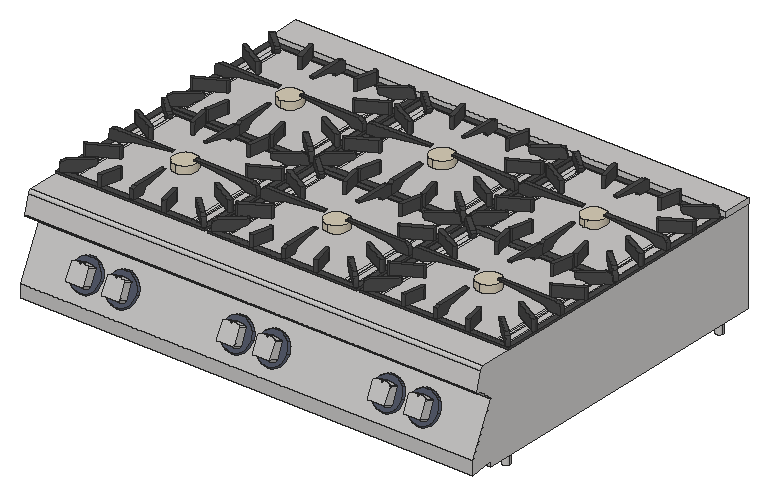
Revit family "QF_ZANUSSI_392012_Z9GCGL6S0M", category Specialty Equipment, Revit 2018 (continued)
Nested families
  nested 3: "QF_392012_BURNER" at (1200, -440.487, -576.213) x (-1, 0, 0) z (0, 0, 1), type "QF_392012_BURNER"
    with Type Mark "", Status "", Specification by User "", Revision Code "", Item Number "", Installed By "", Identify Quantity as Lot yes, Furnished By "", Foodservice Equipment Identifier yes
  nested 4: "QF_392012_BURNER" at (1200, -440.487, -576.213) x (-1, 0, 0) z (0, 0, 1), type "QF_392012_BURNER"
    with Type Mark "", Status "", Specification by User "", Revision Code "", Item Number "", Installed By "", Identify Quantity as Lot yes, Furnished By "", Foodservice Equipment Identifier yes
  nested 5: "QF_392012_BURNER" at (403.15, -440.487, -576.213), type "QF_392012_BURNER"
    with Type Mark "", Status "", Specification by User "", Revision Code "", Item Number "", Installed By "", Identify Quantity as Lot yes, Furnished By "", Foodservice Equipment Identifier yes
  nested 6: "QF_392012_BURNER" at (403.15, -440.487, -576.213), type "QF_392012_BURNER"
    with Type Mark "", Status "", Specification by User "", Revision Code "", Item Number "", Installed By "", Identify Quantity as Lot yes, Furnished By "", Foodservice Equipment Identifier yes
Connectors
  piping at (1147.613, -666, 3.812), diameter 12.8
    settings: on Extrusion 3, index 1, connector inside diameter 0.50394", connector length 0 mm, flow factor 0, pipe flow 0 GPM, pressure drop 0.00 psi, fitting loss kfactor 0, connector angle 0.00°, fixture units 0, engagement length 0 mm, angle of deflection 0.00°, flow configuration 1, flow direction 1, fitting loss method 0, system type 7, joint type 0, gender type 0, connector reference index -1, connector utility 0, adjustable connector no, is connector primary yes, connector description "GAS CONNECTION"
Definition of nested family "QF_392012_BURNER"
  Parameters
    Weight in Pounds = 0
    URL Cutsheet = ""
    URL = "www.electrolux.com"
    Type Mark [instance] = ""
    Status [instance] = ""
    Specification by User [instance] = ""
    Specification by Manufacturer = ""
    Show Clearance [instance] = yes
    Serial Number = ""
    Seismic Rating = ""
    SMACNA No = ""
    Revision Code [instance] = ""
    Omniclass Number and Title = ""
    NAFEM Spec ID Number = ""
    Model = "371009"
    Masterspec = ""
    Manufacturer = "ELECTROLUX"
    Item Number [instance] = ""
    Installed By [instance] = ""
    Identify Quantity as Lot [instance] = yes
    Furnished By [instance] = ""
    Foodservice Equipment Identifier [instance] = yes
    Description = ""
    CSI MasterFormat = ""
    CSI Master Format = ""
  Reference planes
    plane 1 "BACK": y = 0
    plane 2: z = 0
    plane 3 "LEFT": x = 0
    plane 4 "RIGHT": x = 393.7
    plane 5 "FRONT": y = -355.6
    plane 6 "TOP": z = 908.85
    plane 7 "Center Y": x = 196.85
    plane 8 "Center X": y = -177.8
    plane 9 "Base": z = 150
    plane 10: z = 850.85
  Forms (mm)
    Extrusion 1, solid
      sketch origin (-6.433, -404.961, 5) x (1, 0, 0) y (0, 0, -1)
        loop
          arc (7.142, -850.85) -> (6.739, -862.989) -> (9.761, -874.752) r 42.809
          line (9.761, -874.752) -> (19.961, -879.425) -> (173.122, -879.425)
          arc (173.122, -879.425) -> (174.316, -878.312) -> (173.289, -877.043) r 1.197
          line (173.289, -877.043) -> (64.848, -864.021)
          arc (64.848, -864.021) -> (50.111, -858.738) -> (36.589, -850.85) r 85.245
          line (36.589, -850.85) -> (7.142, -850.85)
        loop
          line (399.424, -850.85) -> (369.977, -850.85)
          arc (369.977, -850.85) -> (356.455, -858.738) -> (341.718, -864.021) r 85.245
          line (341.718, -864.021) -> (233.277, -877.043)
          arc (233.277, -877.043) -> (232.25, -878.312) -> (233.444, -879.425) r 1.197
          line (233.444, -879.425) -> (386.605, -879.425) -> (396.806, -874.752)
          arc (396.806, -874.752) -> (399.827, -862.989) -> (399.424, -850.85) r 42.809
      from 224.564 to 234.564
    Extrusion 2, solid
      sketch origin (196.85, 175.397, 1219.2) x (0, 1, 0) y (0, 0, 1)
        loop
          line (-204.463, -363.35) -> (-175.397, -363.35) -> (-175.397, -339.506)
          arc (-175.397, -339.506) -> (-181.025, -338.266) -> (-185.611, -334.775) r 13.39
          line (-185.611, -334.775) -> (-278.903, -334.775)
          arc (-278.903, -334.775) -> (-280.097, -335.888) -> (-279.07, -337.157) r 1.197
          line (-279.07, -337.157) -> (-227.151, -347.464)
          arc (-227.151, -347.464) -> (-213.741, -352.457) -> (-204.463, -363.35) r 28.426
        loop
          arc (-496.332, -363.35) -> (-487.053, -352.457) -> (-473.644, -347.464) r 28.426
          line (-473.644, -347.464) -> (-421.725, -337.157)
          arc (-421.725, -337.157) -> (-420.697, -335.888) -> (-421.891, -334.775) r 1.197
          line (-421.891, -334.775) -> (-515.184, -334.775)
          arc (-515.184, -334.775) -> (-519.769, -338.266) -> (-525.397, -339.506) r 13.39
          line (-525.397, -339.506) -> (-525.397, -363.35) -> (-496.332, -363.35)
      from -5 to 5
    Extrusion 3, solid
      sketch origin (-6.433, 367.064, 850.85) x (0, -1, 0) y (1, 0, 0)
        loop
          line (722.664, 6.433) -> (722.664, 400.133) -> (367.064, 400.133) -> (367.064, 6.433) -> (722.664, 6.433)
        loop
          line (382.064, 21.433) -> (707.664, 21.433) -> (707.664, 385.133) -> (382.064, 385.133) -> (382.064, 21.433)
      from 0 to 5
    Extrusion 4, solid
      sketch origin (-18.933, 367.064, 855.85) x (0, -1, 0) y (1, 0, 0)
        loop
          circle (541.667, 215.783) r 30
      from -1.321 to 17.134
    Extrusion 5, solid
      sketch origin (-6.433, -367.064, 0) x (1, 0, 0) y (0, 0, -1)
        loop
          line (21.433, -855.85) -> (36.589, -855.85)
          arc (36.589, -855.85) -> (40.561, -855.243) -> (44.305, -853.783) r 18.259
          arc (44.305, -853.783) -> (45.997, -853.366) -> (47.69, -853.783) r 3.649
          arc (47.69, -853.783) -> (49.901, -854.522) -> (52.232, -854.529) r 7.328
          line (52.232, -854.529) -> (354.334, -854.529)
          arc (354.334, -854.529) -> (356.666, -854.522) -> (358.877, -853.783) r 7.328
          arc (358.877, -853.783) -> (360.569, -853.366) -> (362.261, -853.783) r 3.649
          arc (362.261, -853.783) -> (366.005, -855.243) -> (369.977, -855.85) r 18.259
          line (369.977, -855.85) -> (385.133, -855.85) -> (385.133, -850.85) -> (21.433, -850.85) -> (21.433, -855.85)
      from 26.464 to 352.064
    Extrusion 6, solid
      sketch origin (83.284, -458.334, 5) x (0.742103, 0.670286, 0) y (0, 0, -1)
        loop
          arc (88.629, -864.012) -> (73.909, -858.731) -> (60.402, -850.85) r 85.245
          line (60.402, -850.85) -> (14.993, -850.85)
          arc (14.993, -850.85) -> (14.642, -862.948) -> (17.686, -874.663) r 42.876
          line (17.686, -874.663) -> (27.899, -879.425) -> (89.664, -879.425)
          arc (89.664, -879.425) -> (92.39, -878.352) -> (93.654, -875.709) r 4
          arc (93.654, -875.709) -> (92.562, -869.25) -> (88.629, -864.012) r 13.87
        loop
          arc (457.638, -864.012) -> (453.704, -869.25) -> (452.613, -875.709) r 13.87
          arc (452.613, -875.709) -> (453.876, -878.352) -> (456.603, -879.425) r 4
          line (456.603, -879.425) -> (518.367, -879.425) -> (528.581, -874.663)
          arc (528.581, -874.663) -> (531.624, -862.948) -> (531.273, -850.85) r 42.876
          line (531.273, -850.85) -> (485.865, -850.85)
          arc (485.865, -850.85) -> (472.357, -858.731) -> (457.638, -864.012) r 85.245
      from 127.064 to 137.064
    Extrusion 7, solid
      sketch origin (310.416, -458.334, 5) x (-0.742103, 0.670286, 0) y (0, 0, 1)
        loop
          arc (88.629, 864.012) -> (92.562, 869.25) -> (93.654, 875.709) r 13.87
          arc (93.654, 875.709) -> (92.39, 878.352) -> (89.664, 879.425) r 4
          line (89.664, 879.425) -> (27.899, 879.425) -> (17.686, 874.663)
          arc (17.686, 874.663) -> (14.642, 862.948) -> (14.993, 850.85) r 42.876
          line (14.993, 850.85) -> (60.402, 850.85)
          arc (60.402, 850.85) -> (73.909, 858.731) -> (88.629, 864.012) r 85.245
        loop
          arc (457.638, 864.012) -> (472.357, 858.731) -> (485.865, 850.85) r 85.245
          line (485.865, 850.85) -> (531.273, 850.85)
          arc (531.273, 850.85) -> (531.624, 862.948) -> (528.581, 874.663) r 42.876
          line (528.581, 874.663) -> (518.367, 879.425) -> (456.603, 879.425)
          arc (456.603, 879.425) -> (453.876, 878.352) -> (452.613, 875.709) r 4
          arc (452.613, 875.709) -> (453.704, 869.25) -> (457.638, 864.012) r 13.87
      from 127.064 to 137.064
    Extrusion 8, solid
      sketch origin (-6.433, 367.064, 855.85) x (0, -1, 0) y (1, 0, 0)
        loop
          arc (626.166, 9.428) -> (632.956, 7.454) -> (634.93, 14.244) r 5
          line (634.93, 14.244) -> (600.514, 76.878)
          arc (600.514, 76.878) -> (593.724, 78.852) -> (591.75, 72.062) r 5
          line (591.75, 72.062) -> (626.166, 9.428)
        loop
          line (463.562, 9.428) -> (497.977, 72.062)
          arc (497.977, 72.062) -> (496.003, 78.852) -> (489.213, 76.878) r 5
          line (489.213, 76.878) -> (454.798, 14.244)
          arc (454.798, 14.244) -> (456.772, 7.454) -> (463.562, 9.428) r 5
        loop
          line (626.166, 397.138) -> (591.75, 334.504)
          arc (591.75, 334.504) -> (593.724, 327.714) -> (600.514, 329.689) r 5
          line (600.514, 329.689) -> (634.93, 392.323)
          arc (634.93, 392.323) -> (632.956, 399.113) -> (626.166, 397.138) r 5
        loop
          arc (463.562, 397.138) -> (456.772, 399.113) -> (454.798, 392.323) r 5
          line (454.798, 392.323) -> (489.213, 329.689)
          arc (489.213, 329.689) -> (496.003, 327.714) -> (497.977, 334.504) r 5
          line (497.977, 334.504) -> (463.562, 397.138)
        loop
          line (715.14, 293.499) -> (666.703, 282.317)
          arc (666.703, 282.317) -> (662.956, 276.32) -> (668.953, 272.573) r 5
          line (668.953, 272.573) -> (717.389, 283.756)
          arc (717.389, 283.756) -> (721.136, 289.752) -> (715.14, 293.499) r 5
        loop
          arc (715.14, 113.067) -> (721.136, 116.814) -> (717.389, 122.811) r 5
          line (717.389, 122.811) -> (668.953, 133.993)
          arc (668.953, 133.993) -> (662.956, 130.246) -> (666.703, 124.249) r 5
          line (666.703, 124.249) -> (715.14, 113.067)
        loop
          arc (374.588, 293.499) -> (368.591, 289.752) -> (372.338, 283.756) r 5
          line (372.338, 283.756) -> (420.775, 272.573)
          arc (420.775, 272.573) -> (426.771, 276.32) -> (423.024, 282.317) r 5
          line (423.024, 282.317) -> (374.588, 293.499)
        loop
          line (374.588, 113.067) -> (423.024, 124.249)
          arc (423.024, 124.249) -> (426.771, 130.246) -> (420.775, 133.993) r 5
          line (420.775, 133.993) -> (372.338, 122.811)
          arc (372.338, 122.811) -> (368.591, 116.814) -> (374.588, 113.067) r 5
      from 0 to 28.575
  Lines and regions (mm)
    symbolic lines
      curve 1: line (0, -355.6, 150) -> (393.7, -355.6, 150)
      curve 2: line (0, 0, 150) -> (0, -355.6, 150)
      curve 3: line (393.7, -355.6, 150) -> (393.7, 0, 150)
      curve 4: line (369.633, -15, 150) -> (285.34, -15, 150)
      curve 5: line (24.067, -340.6, 150) -> (108.36, -340.6, 150)
      curve 6: line (157.475, -170.397, 150) -> (157.475, -15, 150)
      curve 7: line (236.225, -170.397, 150) -> (236.225, -15, 150)
      curve 8: line (201.85, -350, 150) -> (201.85, -176.674, 150)
      curve 9: line (0, -180.397, 150) -> (167.224, -180.397, 150)
      curve 10: line (393.7, -170.397, 150) -> (228.275, -170.397, 150)
      curve 11: line (15, -180.397, 150) -> (15, -252.506, 150)
      curve 12: line (45.799, -340.6, 150) -> (45.799, -320.971, 150)
      curve 13: line (167.224, -170.397, 150) -> (0, -170.397, 150)
      curve 14: line (228.275, -180.504, 150) -> (393.7, -180.504, 150)
      curve 15: arc (228.275, -170.397, 150) -> (223.221, -175.45, 150) -> (228.275, -180.504, 150) r 5.054
      curve 16: arc (167.224, -170.397, 150) -> (172.224, -175.397, 150) -> (167.224, -180.397, 150) r 5
      curve 17: line (191.85, -176.674, 150) -> (191.85, -350, 150)
      curve 18: line (201.85, -134.556, 150) -> (201.85, -0.794, 150)
      curve 19: arc (201.85, -176.674, 150) -> (196.85, -171.674, 150) -> (191.85, -176.674, 150) r 5
      curve 20: arc (201.85, -134.556, 150) -> (196.85, -139.556, 150) -> (191.85, -134.556, 150) r 5
      curve 21: line (191.85, -15, 150) -> (118.623, -15, 150)
      curve 22: arc (201.85, -29.042, 150) -> (213.272, -50.008, 150) -> (201.85, -70.973, 150) r 24.953
      curve 23: arc (213.086, -53.048, 150) -> (214.5, -50.008, 150) -> (213.086, -46.967, 150) r 3.975
      curve 24: arc (191.85, -29.852, 150) -> (181.339, -50.008, 150) -> (191.85, -70.163, 150) r 24.58
      curve 25: arc (181.527, -53.042, 150) -> (179.976, -50.008, 150) -> (181.527, -46.973, 150) r 3.745
      curve 26: line (191.85, -0.794, 150) -> (191.85, -134.556, 150)
      curve 27: line (191.85, -350, 150) -> (201.85, -350, 150)
      curve 28: line (191.85, -11.007, 150) -> (201.85, -11.007, 150)
      curve 29: line (191.85, -0.794, 150) -> (201.85, -0.794, 150)
      curve 30: line (201.85, -340.6, 150) -> (275.077, -340.6, 150)
      curve 31: arc (196.85, -145.397, 0) -> (166.955, -172.888, 0) -> (191.85, -204.977, 0) r 30
      curve 32: arc (201.85, -204.977, 0) -> (226.745, -172.888, 0) -> (196.85, -145.397, 0) r 30
      curve 33: arc (158.678, -180.397, 0) -> (170.734, -200.207, 0) -> (191.85, -209.795, 0) r 39.375
      curve 34: line (163.825, -170.397, 150) -> (163.825, -15, 150)
      curve 35: line (229.875, -170.397, 150) -> (229.875, -15, 150)
      curve 36: line (144.775, -170.397, 150) -> (144.775, -15, 150)
      curve 37: line (248.925, -170.397, 150) -> (248.925, -15, 150)
      curve 38: arc (145.678, -180.397, 0) -> (161.728, -209.187, 0) -> (191.85, -222.573, 0) r 52.075
      curve 39: arc (201.85, -209.795, 0) -> (222.966, -200.207, 0) -> (235.022, -180.397, 0) r 39.375
      curve 40: arc (201.85, -222.573, 0) -> (231.931, -209.224, 0) -> (248.001, -180.504, 0) r 52.075
      curve 41: line (393.7, 0, 0) -> (0, 0, 0)
      curve 42: line (70.445, -122.149, 0) -> (7.81, -87.734, 0)
      curve 43: arc (7.81, -87.734, 0) -> (1.021, -89.708, 0) -> (2.995, -96.498, 0) r 5
      curve 44: line (2.995, -96.498, 0) -> (65.629, -130.914, 0)
      curve 45: arc (65.629, -130.914, 0) -> (72.419, -128.939, 0) -> (70.445, -122.149, 0) r 5
      curve 46: line (65.629, -224.686, 0) -> (2.995, -259.102, 0)
      curve 47: arc (2.995, -259.102, 0) -> (1.021, -265.892, 0) -> (7.81, -267.866, 0) r 5
      curve 48: line (7.81, -267.866, 0) -> (70.445, -233.451, 0)
      curve 49: arc (70.445, -233.451, 0) -> (72.419, -226.661, 0) -> (65.629, -224.686, 0) r 5
      curve 50: line (323.255, -122.149, 0) -> (385.89, -87.734, 0)
      curve 51: arc (385.89, -87.734, 0) -> (392.679, -89.708, 0) -> (390.705, -96.498, 0) r 5
      curve 52: line (390.705, -96.498, 0) -> (328.071, -130.914, 0)
      curve 53: arc (328.071, -130.914, 0) -> (321.281, -128.939, 0) -> (323.255, -122.149, 0) r 5
      curve 54: line (328.071, -224.686, 0) -> (390.705, -259.102, 0)
      curve 55: arc (390.705, -259.102, 0) -> (392.679, -265.892, 0) -> (385.89, -267.866, 0) r 5
      curve 56: line (385.89, -267.866, 0) -> (323.255, -233.451, 0)
      curve 57: arc (323.255, -233.451, 0) -> (321.281, -226.661, 0) -> (328.071, -224.686, 0) r 5
      curve 58: line (118.623, -340.6, 150) -> (191.85, -340.6, 150)
      curve 59: line (285.34, -340.6, 150) -> (369.633, -340.6, 150)
      curve 60: line (378.7, -335.314, 0) -> (378.7, -263.916, 0)
      curve 61: line (1.326, -7.935, 0) -> (58.752, -59.804, 0)
      curve 62: line (65.455, -52.383, 0) -> (8.029, -0.514, 0)
      curve 63: arc (58.752, -59.804, 0) -> (65.814, -59.445, 0) -> (65.455, -52.383, 0) r 5
      curve 64: line (1.326, -7.935, 0) -> (8.029, -0.514, 0)
      curve 65: line (392.374, -7.935, 0) -> (334.948, -59.804, 0)
      curve 66: line (328.245, -52.383, 0) -> (385.671, -0.514, 0)
      curve 67: arc (334.948, -59.804, 0) -> (327.886, -59.445, 0) -> (328.245, -52.383, 0) r 5
      curve 68: line (392.374, -7.935, 0) -> (385.671, -0.514, 0)
      curve 69: line (392.374, -347.665, 0) -> (334.948, -295.796, 0)
      curve 70: line (328.245, -303.217, 0) -> (385.671, -355.086, 0)
      curve 71: arc (334.948, -295.796, 0) -> (327.886, -296.155, 0) -> (328.245, -303.217, 0) r 5
      curve 72: line (392.374, -347.665, 0) -> (385.671, -355.086, 0)
      curve 73: line (1.326, -347.665, 0) -> (58.752, -295.796, 0)
      curve 74: line (65.455, -303.217, 0) -> (8.029, -355.086, 0)
      curve 75: arc (58.752, -295.796, 0) -> (65.814, -296.155, 0) -> (65.455, -303.217, 0) r 5
      curve 76: line (1.326, -347.665, 0) -> (8.029, -355.086, 0)
      curve 77: line (347.901, -15, 0) -> (347.901, -34.629, 0)
      curve 78: line (347.901, -320.971, 0) -> (347.901, -340.6, 0)
      curve 79: line (378.7, -252.506, 0) -> (378.7, -180.397, 0)
      curve 80: line (347.901, -246.993, 0) -> (347.901, -307.496, 0)
      curve 81: line (378.7, -170.397, 0) -> (378.7, -103.094, 0)
      curve 82: line (347.901, -180.397, 0) -> (347.901, -235.582, 0)
      curve 83: line (378.7, -91.684, 0) -> (378.7, -20.286, 0)
      curve 84: line (347.901, -120.018, 0) -> (347.901, -170.397, 0)
      curve 85: line (347.901, -48.104, 0) -> (347.901, -108.607, 0)
      curve 86: line (275.077, -15, 150) -> (201.85, -15, 150)
      curve 87: line (108.36, -15, 150) -> (24.067, -15, 150)
      curve 88: line (45.799, -40, 150) -> (45.799, -15, 150)
      curve 89: line (45.799, -108.607, 150) -> (45.799, -40, 150)
      curve 90: line (15, -20.286, 0) -> (15, -91.684, 0)
      curve 91: line (15, -103.094, 0) -> (15, -170.397, 0)
      curve 92: line (45.799, -170.397, 150) -> (45.799, -120.018, 150)
      curve 93: line (45.799, -235.582, 150) -> (45.799, -180.397, 150)
      curve 94: line (15, -263.916, 150) -> (15, -335.314, 150)
      curve 95: line (45.799, -307.496, 150) -> (45.799, -246.993, 150)
      curve 96: line (116.378, -350.325, 0) -> (127.56, -301.889, 0)
      curve 97: arc (127.56, -301.889, 0) -> (123.813, -295.892, 0) -> (117.816, -299.64, 0) r 5
      curve 98: line (117.816, -299.64, 0) -> (106.634, -348.076, 0)
      curve 99: arc (106.634, -348.076, 0) -> (110.381, -354.072, 0) -> (116.378, -350.325, 0) r 5
      curve 100: line (266.14, -301.889, 0) -> (277.322, -350.325, 0)
      curve 101: arc (277.322, -350.325, 0) -> (283.319, -354.072, 0) -> (287.066, -348.076, 0) r 5
      curve 102: line (287.066, -348.076, 0) -> (275.884, -299.64, 0)
      curve 103: arc (275.884, -299.64, 0) -> (269.887, -295.892, 0) -> (266.14, -301.889, 0) r 5
      curve 104: line (275.884, -55.96, 0) -> (287.066, -7.524, 0)
      curve 105: arc (287.066, -7.524, 0) -> (283.319, -1.528, 0) -> (277.322, -5.275, 0) r 5
      curve 106: line (277.322, -5.275, 0) -> (266.14, -53.711, 0)
      curve 107: arc (266.14, -53.711, 0) -> (269.887, -59.708, 0) -> (275.884, -55.96, 0) r 5
      curve 108: line (127.56, -53.711, 0) -> (116.378, -5.275, 0)
      curve 109: arc (116.378, -5.275, 0) -> (110.381, -1.528, 0) -> (106.634, -7.524, 0) r 5
      curve 110: line (106.634, -7.524, 0) -> (117.816, -55.96, 0)
      curve 111: arc (117.816, -55.96, 0) -> (123.813, -59.708, 0) -> (127.56, -53.711, 0) r 5
  Dimensions and locks
    equal spacing: plane 3 "LEFT", plane 7 "Center Y", plane 4 "RIGHT"
    plane 3 "LEFT" to plane 4 "RIGHT" = 393.7 mm
    equal spacing: plane 5 "FRONT", plane 8 "Center X", plane 1 "BACK"
    plane 5 "FRONT" to plane 1 "BACK" = 355.6 mm
    plane 6 "TOP" to level = 908.85 mm
    plane 9 "Base" to level = 150 mm
    plane 6 "TOP" to plane 10 = 58 mm  (x2)
    locked: Extrusion 4 sketch curve to plane 7 "Center Y" at 0
    aligned and locked: level to plane 2
  Automatic sketch dimensions
    curve 10 to plane 4 "RIGHT" = 0 mm
    curve 20 to plane 7 "Center Y" = 0 mm
    curve 19 to plane 7 "Center Y" = 0 mm
    curve 9 to plane 3 "LEFT" = 0 mm
    plane 1 "BACK" to curve 2 = 0 mm
    plane 1 "BACK" to curve 3 = 0 mm
    plane 5 "FRONT" to curve 2 = 0 mm
    curve 4 to plane 4 "RIGHT" = 24.067 mm
    curve 59 to plane 4 "RIGHT" = 24.067 mm
    plane 1 "BACK" to curve 37 = 15 mm
    plane 7 "Center Y" to curve 37 = 52.075 mm
    curve 37 to curve 7 = 12.7 mm
    curve 7 to curve 35 = 6.35 mm
    plane 8 "Center X" to curve 15 = 2.35 mm
    curve 35 to curve 15 = 1.6 mm
    plane 7 "Center Y" to curve 23 = 16.236 mm
    curve 23 to curve 23 = 0 mm
    curve 23 to curve 23 = 2.56 mm
    curve 23 to curve 24 = 4.607 mm
    plane 7 "Center Y" to curve 86 = 5 mm
    plane 7 "Center Y" to curve 27 = 5 mm
    curve 22 to plane 7 "Center Y" = 8.531 mm
    curve 22 to curve 25 = 4.597 mm
    curve 25 to curve 25 = 2.194 mm  (x2)
    curve 9 to plane 8 "Center X" = 2.597 mm
    curve 17 to curve 9 = 24.626 mm
    curve 21 to curve 34 = 28.025 mm
    curve 34 to curve 6 = 6.35 mm
    plane 8 "Center X" to curve 36 = 7.403 mm
    curve 6 to curve 36 = 12.7 mm
    plane 3 "LEFT" to curve 12 = 45.799 mm
    plane 3 "LEFT" to curve 87 = 24.067 mm
    plane 3 "LEFT" to curve 5 = 24.067 mm
    plane 1 "BACK" to curve 26 = 0.794 mm
    curve 28 to curve 86 = 3.993 mm
    curve 28 to curve 21 = 3.993 mm
    curve 86 to curve 22 = 14.042 mm
    curve 22 to curve 24 = 0.81 mm
    curve 22 to curve 23 = 17.925 mm
    curve 25 to curve 22 = 3.035 mm
    plane 8 "Center X" to curve 26 = 43.244 mm
    curve 15 to curve 15 = 5.054 mm
    plane 8 "Center X" to curve 17 = 1.126 mm
    curve 94 to curve 12 = 5.286 mm
    curve 58 to plane 5 "FRONT" = 15 mm
    curve 59 to plane 5 "FRONT" = 15 mm
    curve 8 to plane 5 "FRONT" = 5.6 mm
    plane 3 "LEFT" to Extrusion 1 sketch curve = 0.709 mm
    plane 3 "LEFT" to Extrusion 1 sketch curve = 3.327 mm
    Extrusion 1 sketch curve to Extrusion 1 sketch curve = 10.201 mm
    plane 10 to Extrusion 1 sketch curve = 5 mm  (x2)
    Extrusion 1 sketch curve to Extrusion 1 sketch curve = 29.447 mm
    Extrusion 1 sketch curve to Extrusion 1 sketch curve = 12.704 mm  (x2)
    Extrusion 1 sketch curve to Extrusion 1 sketch curve = 15.555 mm  (x2)
    plane 3 "LEFT" to Extrusion 1 sketch curve = 79.689 mm
    Extrusion 1 sketch curve to plane 7 "Center Y" = 30.161 mm
    Extrusion 1 sketch curve to Extrusion 1 sketch curve = 0.167 mm  (x2)
    plane 7 "Center Y" to Extrusion 1 sketch curve = 29.994 mm
    Extrusion 1 sketch curve to plane 4 "RIGHT" = 79.689 mm
    plane 10 to Extrusion 1 sketch curve = 18.171 mm
    Extrusion 1 sketch curve to plane 4 "RIGHT" = 58.415 mm
    Extrusion 1 sketch curve to plane 4 "RIGHT" = 13.528 mm
    Extrusion 1 sketch curve to plane 4 "RIGHT" = 3.327 mm
    Extrusion 1 sketch curve to plane 4 "RIGHT" = 0.709 mm
    Extrusion 1 sketch curve to Extrusion 1 sketch curve = 23.902 mm  (x2)
    Extrusion 1 sketch curve to plane 6 "TOP" = 26.807 mm  (x2)
    Extrusion 1 sketch curve to Extrusion 1 sketch curve = 1.185 mm  (x2)
    Extrusion 1 sketch curve to Extrusion 1 sketch curve = 5.694 mm
    Extrusion 2 sketch curve to plane 1 "BACK" = 0 mm
    plane 1 "BACK" to Extrusion 2 sketch curve = 10.213 mm
    plane 10 to Extrusion 2 sketch curve = 5 mm  (x2)
    plane 1 "BACK" to Extrusion 2 sketch curve = 29.066 mm
    plane 10 to Extrusion 2 sketch curve = 20.886 mm
    Extrusion 2 sketch curve to Extrusion 2 sketch curve = 22.688 mm  (x2)
    Extrusion 2 sketch curve to plane 10 = 7.392 mm  (x2)
    Extrusion 2 sketch curve to plane 6 "TOP" = 24.425 mm
    Extrusion 2 sketch curve to Extrusion 2 sketch curve = 51.752 mm
    Extrusion 2 sketch curve to plane 6 "TOP" = 26.807 mm  (x2)
    Extrusion 2 sketch curve to Extrusion 2 sketch curve = 0.167 mm  (x2)
    Extrusion 2 sketch curve to plane 8 "Center X" = 68.528 mm
    Extrusion 2 sketch curve to plane 5 "FRONT" = 60.248 mm
    Extrusion 2 sketch curve to Extrusion 2 sketch curve = 2.895 mm
    Extrusion 2 sketch curve to plane 5 "FRONT" = 15.813 mm
    Extrusion 2 sketch curve to plane 5 "FRONT" = 5.6 mm
    Extrusion 2 sketch curve to Extrusion 2 sketch curve = 4.731 mm
    Extrusion 2 sketch curve to Extrusion 2 sketch curve = 23.844 mm
    Extrusion 2 sketch curve to Extrusion 2 sketch curve = 1.185 mm
    plane 1 "BACK" to Extrusion 3 sketch curve = 0 mm
    Extrusion 3 sketch curve to plane 3 "LEFT" = 0 mm
    plane 5 "FRONT" to Extrusion 3 sketch curve = 0 mm
    Extrusion 3 sketch curve to plane 4 "RIGHT" = 0 mm
    plane 1 "BACK" to Extrusion 3 sketch curve = 15 mm
    Extrusion 3 sketch curve to plane 5 "FRONT" = 15 mm
    plane 3 "LEFT" to Extrusion 3 sketch curve = 15 mm
    Extrusion 3 sketch curve to plane 4 "RIGHT" = 15 mm
    Extrusion 3 to Extrusion 4 sketch curve = 159.603 mm
    Extrusion 5 sketch curve to plane 10 = 0 mm
    plane 3 "LEFT" to Extrusion 5 sketch curve = 15 mm
    Extrusion 5 sketch curve to Extrusion 5 sketch curve = 14.402 mm
    plane 10 to Extrusion 5 sketch curve = 5 mm
    Extrusion 5 sketch curve to Extrusion 5 sketch curve = 15.156 mm
    plane 10 to Extrusion 5 sketch curve = 2.933 mm  (x3)
    Extrusion 5 sketch curve to Extrusion 5 sketch curve = 7.716 mm  (x2)
    Extrusion 5 sketch curve to Extrusion 5 sketch curve = 0 mm  (x3)
    Extrusion 5 sketch curve to Extrusion 5 sketch curve = 1.692 mm  (x2)
    Extrusion 5 sketch curve to Extrusion 5 sketch curve = 3.385 mm  (x2)
    Extrusion 5 sketch curve to plane 10 = 3.559 mm  (x2)
    plane 10 to Extrusion 5 sketch curve = 3.679 mm
    Extrusion 5 sketch curve to plane 4 "RIGHT" = 45.799 mm
    Extrusion 5 sketch curve to Extrusion 5 sketch curve = 1.143 mm
    Extrusion 5 sketch curve to plane 10 = 13.244 mm
    Extrusion 5 sketch curve to plane 4 "RIGHT" = 15 mm
    plane 10 to Extrusion 6 sketch curve = 5 mm  (x2)
    Extrusion 6 sketch curve to Extrusion 6 sketch curve = 2.692 mm  (x2)
    Extrusion 6 sketch curve to Extrusion 6 sketch curve = 10.213 mm  (x2)
    plane 10 to Extrusion 6 sketch curve = 12.281 mm
    Extrusion 6 sketch curve to Extrusion 6 sketch curve = 29.348 mm  (x2)
    Extrusion 6 sketch curve to Extrusion 6 sketch curve = 3.155 mm  (x2)
    Extrusion 6 sketch curve to Extrusion 6 sketch curve = 22.572 mm
    Extrusion 6 sketch curve to Extrusion 6 sketch curve = 8.81 mm
    Extrusion 6 sketch curve to Extrusion 6 sketch curve = 9.845 mm  (x2)
    Extrusion 6 sketch curve to Extrusion 6 sketch curve = 3.99 mm  (x2)
    Extrusion 6 sketch curve to Extrusion 6 sketch curve = 0 mm  (x2)
    Extrusion 6 sketch curve to Extrusion 6 sketch curve = 49.533 mm
    Extrusion 6 sketch curve to plane 10 = 64.377 mm
    Extrusion 6 sketch curve to Extrusion 6 sketch curve = 326.397 mm
    Extrusion 6 sketch curve to plane 6 "TOP" = 28.141 mm
    Extrusion 6 sketch curve to Extrusion 6 sketch curve = 16.281 mm
    Extrusion 6 sketch curve to Extrusion 6 sketch curve = 1.035 mm
    Extrusion 6 sketch curve to Extrusion 6 sketch curve = 19.417 mm
    Extrusion 6 sketch curve to Extrusion 6 sketch curve = 4.763 mm  (x2)
    Extrusion 6 sketch curve to Extrusion 6 sketch curve = 3.716 mm
    plane 10 to Extrusion 7 sketch curve = 5 mm  (x2)
    Extrusion 7 sketch curve to Extrusion 7 sketch curve = 2.692 mm  (x2)
    Extrusion 7 sketch curve to Extrusion 7 sketch curve = 10.213 mm  (x2)
    plane 10 to Extrusion 7 sketch curve = 12.281 mm
    Extrusion 7 sketch curve to Extrusion 7 sketch curve = 29.348 mm  (x2)
    Extrusion 7 sketch curve to Extrusion 7 sketch curve = 3.155 mm  (x2)
    Extrusion 7 sketch curve to Extrusion 7 sketch curve = 22.572 mm
    Extrusion 7 sketch curve to Extrusion 7 sketch curve = 8.81 mm
    Extrusion 7 sketch curve to Extrusion 7 sketch curve = 9.845 mm  (x2)
    Extrusion 7 sketch curve to Extrusion 7 sketch curve = 3.99 mm  (x2)
    Extrusion 7 sketch curve to Extrusion 7 sketch curve = 0 mm  (x2)
    Extrusion 7 sketch curve to Extrusion 7 sketch curve = 21.306 mm
    Extrusion 7 sketch curve to plane 10 = 64.377 mm  (x2)
    Extrusion 7 sketch curve to Extrusion 7 sketch curve = 326.397 mm
    Extrusion 7 sketch curve to plane 6 "TOP" = 28.141 mm
    Extrusion 7 sketch curve to Extrusion 7 sketch curve = 16.281 mm
    Extrusion 7 sketch curve to Extrusion 7 sketch curve = 1.035 mm
    Extrusion 7 sketch curve to Extrusion 7 sketch curve = 19.417 mm
    Extrusion 7 sketch curve to Extrusion 7 sketch curve = 7.281 mm
    Extrusion 7 sketch curve to Extrusion 7 sketch curve = 10.713 mm
    curve 58 to curve 12 = 72.824 mm
    curve 30 to curve 30 = 73.227 mm
    curve 58 to curve 5 = 10.263 mm
    curve 5 to curve 58 = 0 mm
    curve 59 to curve 30 = 10.263 mm
    curve 30 to curve 8 = 9.4 mm
    curve 31 to curve 32 = 0 mm
    curve 33 to curve 38 = 0 mm  (x2)
    curve 33 to curve 39 = 0 mm  (x2)
    curve 33 to curve 40 = 0 mm  (x2)
    plane 1 "BACK" to curve 41 = 0 mm
    curve 41 to plane 3 "LEFT" = 0 mm
    curve 31 to plane 7 "Center Y" = 0 mm
    curve 33 to plane 7 "Center Y" = 0 mm
    curve 41 to plane 4 "RIGHT" = 0 mm
    plane 3 "LEFT" to curve 76 = 1.326 mm
    plane 3 "LEFT" to curve 64 = 1.326 mm
    plane 3 "LEFT" to curve 44 = 2.995 mm
    plane 3 "LEFT" to curve 46 = 2.995 mm
    curve 43 to curve 43 = 2.408 mm
    curve 46 to curve 47 = 2.408 mm
    curve 47 to curve 47 = 2.408 mm
    curve 43 to curve 42 = 2.408 mm
    curve 76 to plane 5 "FRONT" = 0.514 mm
    plane 3 "LEFT" to curve 76 = 8.029 mm
    plane 1 "BACK" to curve 62 = 0.514 mm
    plane 3 "LEFT" to curve 62 = 8.029 mm
    curve 48 to curve 75 = 50.941 mm
    curve 43 to curve 63 = 50.941 mm
    curve 75 to curve 75 = 3.351 mm
    curve 63 to curve 63 = 3.351 mm
    plane 1 "BACK" to curve 62 = 52.383 mm
    curve 63 to curve 62 = 3.351 mm
    curve 74 to plane 5 "FRONT" = 52.383 mm
    curve 75 to curve 74 = 3.351 mm
    plane 3 "LEFT" to curve 46 = 65.629 mm
    plane 3 "LEFT" to curve 44 = 65.629 mm
    curve 45 to curve 45 = 2.408 mm
    curve 46 to curve 49 = 2.408 mm
    curve 49 to curve 48 = 2.408 mm
    curve 45 to curve 42 = 2.408 mm
    curve 38 to plane 8 "Center X" = 2.597 mm
    curve 38 to plane 7 "Center Y" = 51.172 mm
    curve 33 to plane 8 "Center X" = 2.597 mm
    curve 38 to curve 33 = 12.999 mm
    curve 33 to plane 7 "Center Y" = 5 mm
    curve 38 to plane 7 "Center Y" = 5 mm
    curve 31 to curve 33 = 0 mm
    plane 7 "Center Y" to curve 32 = 5 mm
    plane 7 "Center Y" to curve 40 = 5 mm
    curve 39 to curve 32 = 0 mm
    curve 39 to plane 8 "Center X" = 2.597 mm
    plane 7 "Center Y" to curve 39 = 38.172 mm
    curve 40 to plane 8 "Center X" = 2.704 mm
    curve 39 to curve 40 = 12.979 mm
    curve 50 to plane 4 "RIGHT" = 70.445 mm
    curve 57 to plane 4 "RIGHT" = 70.445 mm
    curve 50 to curve 53 = 2.408 mm
    curve 57 to curve 57 = 2.408 mm  (x2)
    curve 53 to curve 53 = 2.408 mm
    curve 71 to curve 71 = 3.351 mm
    curve 67 to curve 67 = 3.351 mm
    curve 71 to curve 69 = 3.351 mm
    curve 67 to curve 65 = 3.351 mm
    curve 60 to plane 4 "RIGHT" = 15 mm
    curve 72 to plane 5 "FRONT" = 0.514 mm
    curve 72 to plane 4 "RIGHT" = 8.029 mm
    plane 1 "BACK" to curve 68 = 0.514 mm
    curve 68 to plane 4 "RIGHT" = 8.029 mm
    curve 50 to plane 4 "RIGHT" = 7.81 mm
    curve 55 to plane 4 "RIGHT" = 7.81 mm
    curve 55 to curve 55 = 2.408 mm
    curve 50 to curve 51 = 2.408 mm
    curve 55 to plane 4 "RIGHT" = 2.995 mm
    curve 51 to plane 4 "RIGHT" = 2.995 mm
    curve 69 to plane 4 "RIGHT" = 1.326 mm
    curve 65 to plane 4 "RIGHT" = 1.326 mm
    curve 72 to plane 5 "FRONT" = 7.935 mm
    curve 60 to plane 5 "FRONT" = 20.286 mm
    curve 71 to curve 56 = 27.93 mm
    curve 73 to curve 48 = 27.93 mm
    curve 47 to curve 47 = 4.382 mm
    curve 55 to curve 55 = 4.382 mm
    curve 56 to plane 8 "Center X" = 55.651 mm
    curve 48 to plane 8 "Center X" = 55.651 mm
    curve 57 to curve 57 = 4.382 mm
    curve 49 to curve 49 = 4.382 mm
    curve 40 to plane 8 "Center X" = 44.773 mm
    curve 39 to curve 32 = 4.818 mm
    plane 8 "Center X" to curve 31 = 2.403 mm
    plane 8 "Center X" to curve 45 = 46.886 mm
    plane 8 "Center X" to curve 52 = 46.886 mm
    curve 53 to curve 53 = 4.382 mm
    curve 45 to curve 45 = 4.382 mm
    curve 53 to curve 52 = 34.416 mm
    curve 44 to curve 61 = 36.694 mm
    curve 43 to curve 43 = 4.382 mm
    curve 51 to curve 51 = 4.382 mm
    curve 51 to curve 65 = 27.93 mm
    plane 1 "BACK" to curve 83 = 20.286 mm
    plane 1 "BACK" to curve 88 = 15 mm
    plane 1 "BACK" to curve 77 = 15 mm
    curve 77 to curve 83 = 30.799 mm
    curve 78 to plane 5 "FRONT" = 15 mm
    curve 80 to curve 71 = 7.989 mm
    curve 78 to curve 60 = 30.799 mm
    curve 78 to curve 80 = 13.475 mm
    curve 55 to curve 79 = 10.979 mm
    curve 82 to curve 57 = 6.514 mm
    curve 80 to curve 78 = 0 mm
    curve 80 to curve 82 = 11.41 mm
    curve 77 to curve 66 = 37.77 mm
    curve 60 to curve 79 = 11.41 mm
    plane 8 "Center X" to curve 81 = 7.403 mm
    plane 8 "Center X" to curve 84 = 7.403 mm
    curve 82 to plane 8 "Center X" = 2.597 mm
    curve 82 to curve 84 = 0 mm
    curve 79 to plane 8 "Center X" = 2.597 mm
    curve 79 to curve 81 = 0 mm
    curve 81 to curve 51 = 10.979 mm
    curve 53 to curve 85 = 17.924 mm
    curve 84 to curve 81 = 30.799 mm
    curve 84 to curve 85 = 11.41 mm
    curve 52 to curve 84 = 19.83 mm
    curve 81 to curve 83 = 11.41 mm
    curve 67 to curve 85 = 7.989 mm
    curve 85 to curve 77 = 0 mm
    curve 85 to curve 77 = 13.475 mm
    curve 86 to curve 37 = 26.152 mm
    curve 4 to curve 86 = 10.263 mm
    curve 86 to curve 4 = 0 mm
    curve 36 to curve 21 = 26.152 mm
    curve 88 to curve 88 = 25 mm
    plane 8 "Center X" to curve 89 = 69.193 mm
    curve 43 to curve 90 = 9.597 mm
    curve 43 to curve 90 = 0.432 mm
    plane 1 "BACK" to curve 90 = 20.286 mm
    curve 93 to plane 8 "Center X" = 2.597 mm
    plane 8 "Center X" to curve 91 = 7.403 mm
    curve 95 to plane 8 "Center X" = 69.193 mm
    curve 93 to curve 94 = 28.333 mm
    curve 95 to curve 12 = 33.104 mm
    curve 21 to curve 87 = 10.263 mm
    curve 87 to curve 21 = 0 mm
    curve 91 to curve 90 = 11.41 mm
    curve 89 to curve 87 = 21.732 mm
    curve 89 to curve 92 = 11.41 mm
    curve 92 to curve 89 = 0 mm
    plane 8 "Center X" to curve 92 = 7.403 mm
    curve 91 to curve 90 = 0 mm
    curve 93 to curve 95 = 0 mm
    curve 93 to curve 95 = 11.41 mm
    curve 11 to curve 94 = 0 mm
    curve 11 to curve 94 = 11.41 mm
    curve 95 to curve 11 = 30.799 mm
    curve 95 to curve 12 = 13.475 mm
    plane 3 "LEFT" to curve 95 = 45.799 mm
    curve 95 to curve 5 = 33.104 mm
    Extrusion 8 sketch curve to Extrusion 3 = 5.275 mm  (x2)
    Extrusion 8 sketch curve to Extrusion 8 sketch curve = 1.125 mm  (x16)
    Extrusion 3 to Extrusion 8 sketch curve = 38.711 mm  (x2)
    Extrusion 8 sketch curve to Extrusion 3 = 7.19 mm  (x3)
    Extrusion 3 to Extrusion 8 sketch curve = 72.734 mm  (x2)
    Extrusion 8 sketch curve to Extrusion 8 sketch curve = 4.382 mm  (x16)
    Extrusion 8 sketch curve to Extrusion 3 = 2.995 mm  (x4)
    Extrusion 8 sketch curve to Extrusion 8 sketch curve = 34.416 mm  (x4)
    Extrusion 3 to Extrusion 8 sketch curve = 50.629 mm  (x3)
    Extrusion 8 sketch curve to Extrusion 8 sketch curve = 93.773 mm  (x2)
    Extrusion 3 to Extrusion 8 sketch curve = 40.96 mm  (x2)
    Extrusion 8 sketch curve to Extrusion 3 = 7.476 mm  (x2)
    Extrusion 8 sketch curve to Extrusion 8 sketch curve = 2.408 mm  (x4)
    Extrusion 3 to Extrusion 8 sketch curve = 91.634 mm  (x2)
    Extrusion 8 sketch curve to Extrusion 8 sketch curve = 4.872 mm  (x8)
    Extrusion 8 sketch curve to Extrusion 8 sketch curve = 11.182 mm  (x4)
    Extrusion 3 to Extrusion 8 sketch curve = 112.56 mm
    Extrusion 8 sketch curve to Extrusion 8 sketch curve = 61.931 mm
    Extrusion 3 to Extrusion 8 sketch curve = 55.445 mm
    Extrusion 8 sketch curve to Extrusion 8 sketch curve = 4.816 mm
    curve 67 to curve 85 = 19.656 mm
    curve 71 to curve 80 = 19.656 mm
    curve 99 to plane 5 "FRONT" = 7.524 mm
    curve 74 to curve 99 = 41.179 mm
    curve 98 to curve 99 = 4.872 mm
    curve 96 to plane 5 "FRONT" = 5.275 mm
    curve 99 to curve 96 = 4.872 mm
    curve 99 to curve 98 = 11.182 mm
    curve 98 to curve 97 = 4.872 mm
    curve 96 to plane 5 "FRONT" = 53.711 mm
    curve 97 to curve 96 = 4.872 mm
    curve 97 to curve 97 = 1.125 mm
    curve 103 to curve 70 = 62.105 mm
    curve 103 to curve 103 = 4.872 mm  (x2)
    curve 100 to plane 5 "FRONT" = 5.275 mm
    curve 100 to curve 100 = 11.182 mm
    curve 101 to curve 101 = 4.872 mm
    curve 102 to plane 5 "FRONT" = 7.524 mm
    curve 101 to curve 102 = 4.872 mm
    curve 100 to curve 100 = 48.436 mm
    curve 103 to curve 103 = 1.125 mm
    curve 106 to curve 67 = 62.105 mm
    curve 107 to curve 107 = 4.872 mm
    plane 1 "BACK" to curve 104 = 55.96 mm
    curve 107 to curve 104 = 4.872 mm
    plane 1 "BACK" to curve 105 = 5.275 mm
    curve 107 to curve 105 = 11.182 mm
    curve 105 to curve 105 = 4.872 mm  (x2)
    curve 107 to curve 107 = 1.125 mm
    plane 1 "BACK" to curve 104 = 7.524 mm
    plane 1 "BACK" to curve 109 = 7.524 mm
    curve 62 to curve 109 = 41.179 mm
    curve 109 to curve 109 = 4.872 mm
    plane 1 "BACK" to curve 108 = 5.275 mm
    curve 109 to curve 108 = 4.872 mm
    curve 110 to curve 111 = 11.182 mm
    curve 110 to curve 111 = 4.872 mm
    plane 1 "BACK" to curve 108 = 53.711 mm
    curve 111 to curve 108 = 4.872 mm
    curve 111 to curve 108 = 2.25 mm
    radius of Extrusion 4 sketch curve = 30 mm
